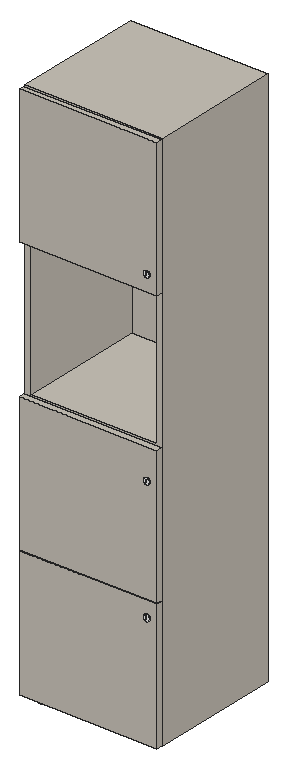
Revit family "Storage-Freestanding-Teknion-BFCL_Cubic_Tower_with_Solid_Doors-R2019", category Furniture, Revit 2019
Family settings
  OmniClass Number = 23.40.20.00
  OmniClass Title = General Furniture and Specialties
  Work Plane-Based = No
  Always vertical = Yes
  Cut with Voids When Loaded = No
  Shared = Yes
  Room Calculation Point = No
Parameters (values of type "Semi-Opened, Individual Doors Storage Style, 18"w")
  Warranty = "http://www.teknion.com/ca/papers/legal-canada"
  Wardrobe = no
  Unit Weight URL = "http://www.teknion.com/ca/tools/assets#&asset=bee6a381-b954-425e-8283-5a2de3a804f2,f828d448-4b62-4231-9e5f-9a8991c0ed77"
  URL = "www.teknion.com"
  Third Lock = or(Individual Doors, File Drawers)  # yes
  Sustainability Data = "http://www.teknion.com/ca/tools/assets#&topic=216f99a5-57a0-44fc-b10a-9dee9b29ae4c&asset=444deb64-fe58-4b68-981e-f75e97781df7"
  Shelf Vertical Offset [instance] = if(Height = 66.000", 15.773", 17.853")  # 17.853"
  Shelf Hole Depth [instance] = if([Semi-Opened], Depth - 0.701", 0.500")  # 17.299"
  Series = "Expansion Casegoods"  # constant formula
  Semi-Opened = yes
  Second Shelf Visibility = if([Semi-Opened], 1 > 2, 1 < 2)  # no
  Second Lock = if(and(Fully Enclosed, Individual Doors), 1 < 2, if(and(Fully Enclosed, File Drawers), 1 < 2, if((Wardrobe), 1 < 2, 1 > 2)))  # no
  Product Page URL = "http://www.teknion.com/ca/products/product-details?productlineid=0053336e-8e7a-673b-a6c8-ff00004460c4"
  Product Line = "Expansion Casegoods"  # constant formula
  Product Documentation Link = "http://www.teknion.com/pricing/expansion-casegoods/pdfs/BFCL_ppg.pdf"
  Part Number = "BFCL"  # constant formula
  Model = "BFCLOD__18___"
  Manufacturer Phone = "416-661-3370"  # constant formula
  Manufacturer Fax = "416.661.4586"  # constant formula
  Manufacturer Contact Information = "http://www.teknion.com/ca/contactus"
  Manufacturer Address = "1150 Flint Road, Toronto, ON. M3J 2J5. Canada"  # constant formula
  Manufacturer = "Teknion"  # constant formula
  Individual Doors = yes
  Height [instance] = 72.000"
  Fully Enclosed = no
  Fourth Lock = or(Individual Doors, Wardrobe)  # yes
  First Lock = or(File Drawers, Individual Doors)  # yes
  File Drawers = no
  Door and Drawer Front Finish [instance] = Source Laminate - Teknion - DE - Latte
  Description = "Freestanding Cubic Tower with Solid Doors, Semi-Opened, Individual Doors, 18\" Width"
  Depth [instance] = 18.000"
  Case Finish [instance] = Source Laminate - Teknion - DE - Latte
  Available Heights [instance] = "66 or 72 inches."  # constant formula
  Available Depths [instance] = "18, 20, or 24 inches."  # constant formula
  Assembly Code = "E2020200"
  Actual Height [instance] = if(Height = 66.000", 65.354", 71.594")  # 71.594"
  2D Elevation Top and Bottom Second Door = not(Wardrobe)  # yes
  2D Elevation Bottom Door = not(File Drawers)  # yes
Types (6): name | Wardrobe | Third Lock | Shelf Vertical Offset | Shelf Hole Depth | Semi-Opened | Second Shelf Visibility | Second Lock | Model | Individual Doors | Height | Fully Enclosed | Fourth Lock | First Lock | File Drawers | Description | Actual Height | 2D Elevation Top and Bottom Second Door | 2D Elevation Bottom Door
  (no name) | no | yes | 17.853" | 17.299" | yes | no | no | "BFCLOD__18___" | yes | 72.000" | no | yes | yes | no | "Freestanding Cubic Tower with Solid Doors, Semi-Opened, Individual Doors, 18\" Width" | 71.594" | yes | yes
  Fully Enclosed, Wardrobe Storage Style, 18"w | yes | no | 17.853" | 0.500" | no | yes | yes | "BFCLFW__18___" | no | 72.000" | yes | yes | no | no | "Freestanding Cubic Tower with Solid Doors, Fully Enclosed, Wardrobe Storage Style, 18\" Width" | 71.594" | no | yes
  Semi-Opened, Individual Doors Storage Style, 18"w | no | yes | 17.853" | 17.299" | yes | no | no | "BFCLOD__18___" | yes | 72.000" | no | yes | yes | no | "Freestanding Cubic Tower with Solid Doors, Semi-Opened, Individual Doors, 18\" Width" | 71.594" | yes | yes
  Fully Enclosed, Individual Doors Storage Style, 18"w | no | yes | 15.773" | 0.500" | no | yes | yes | "BFCLFD__18___" | yes | 66.000" | yes | yes | yes | no | "Freestanding Cubic Tower with Solid Doors, Fully Enclosed, Individual Doors Storage Style, 18\" Width" | 65.354" | yes | yes
  Semi-Opened, File Drawers Storage Style, 18"w | no | yes | 15.773" | 17.299" | yes | no | no | "BFCLOF__18___" | no | 66.000" | no | no | yes | yes | "Freestanding Cubic Tower with Solid Doors, Semi-Opened, File Drawers Storage Style, 18\" Width" | 65.354" | yes | no
  Fully Enclosed, File Drawers Storage Style, 18"w | no | yes | 15.773" | 0.500" | no | yes | yes | "BFCLFF__18___" | no | 66.000" | yes | no | yes | yes | "Freestanding Cubic Tower with Solid Doors, Fully Enclosed, File Drawers Storage Style, 18\" Width" | 65.354" | yes | no
Reference planes (in)
  plane 1 "Center Front/Back": y = 0
  plane 2: z = 0
  plane 3 "Center Left/Right": x = 0
  plane 4 "Left": x = -8.955
  plane 5 "Right": x = 8.955
  plane 6 "Back": y = 8.58071
  plane 7 "Front": y = -8.58071
  plane 8 "Top": z = 71.594
  plane 9: z = 0.60236
  plane 10: y = -8.7185
  plane 11: y = -9.41929
  plane 12: z = 53.62289
  plane 13: z = 53.50518
  plane 14: z = 35.65218
  plane 15: z = 35.5341
  plane 16: z = 17.6811
  plane 17: z = 17.56299
  plane 18: z = 0.72047
  plane 19: z = 71.47589
  plane 20: x = -8.254
  plane 21: x = 8.254
  plane 22: y = 7.87971
Forms (in)
  Extrusion 1, solid, material "Source Laminate - Teknion - DE - Latte" <- "Case Finish"
    sketch origin (0, 0, 0) x (1, 0, 0) y (0, 1, 0)
      loop
        line (-8.955, 8.58071) -> (-8.955, -8.58071) -> (8.955, -8.58071) -> (8.955, 8.58071) -> (-8.955, 8.58071)
    from 0.60236 to 71.594
  Extrusion 2, solid, material "Source Laminate - Teknion - DE - Latte" <- "Door and Drawer Front Finish"
    sketch origin (-8.955, -8.7185, 48) x (-1, 0, 0) y (0, 0, 1)
      loop
        line (0, 23.47589) -> (-17.91, 23.47589) -> (-17.91, 5.62289) -> (0, 5.62289) -> (0, 23.47589)
    from 0 to -0.70079
  Extrusion 3, solid, material "Source Laminate - Teknion - DE - Latte" <- "Door and Drawer Front Finish", visible <- "Second Shelf Visibility"
    sketch origin (-8.955, -8.7185, 48) x (-1, 0, 0) y (0, 0, 1)
      loop
        line (-17.91, 5.50518) -> (-17.91, -12.34782) -> (0, -12.34782) -> (0, 5.50518) -> (-17.91, 5.50518)
    from 0 to -0.70079
  Extrusion 4, solid, material "Source Laminate - Teknion - DE - Latte" <- "Door and Drawer Front Finish"
    sketch origin (-8.955, -8.7185, 48) x (-1, 0, 0) y (0, 0, 1)
      loop
        line (0, -12.4659) -> (-17.91, -12.4659) -> (-17.91, -30.3189) -> (0, -30.3189) -> (0, -12.4659)
    from 0 to -0.70079
  Extrusion 5, solid, material "Source Laminate - Teknion - DE - Latte" <- "Door and Drawer Front Finish"
    sketch origin (-8.955, -8.7185, 48) x (-1, 0, 0) y (0, 0, 1)
      loop
        line (-17.91, -30.43701) -> (-17.91, -47.27953) -> (0, -47.27953) -> (0, -30.43701) -> (-17.91, -30.43701)
    from 0 to -0.70079
  Extrusion 6, void
    sketch origin (-8.955, -9.41929, 48) x (1, 0, 0) y (0, 0, 1)
      loop
        line (17.209, 5.50518) -> (0.701, 5.50518) -> (0.701, -12.34782) -> (17.209, -12.34782) -> (17.209, 5.50518)
    from -17.299 to 0
  Extrusion 7, solid, material "Mica - Teknion - V - Satin - Very White", visible <- "First Lock"
    sketch origin (-8.955, -9.41929, 48) x (-1, 0, 0) y (0, 0, 1)
      loop
        line (-16.62063, 7.85797) -> (-16.62063, 7.48395) -> (-16.5222, 7.48395) -> (-16.5222, 7.85797) -> (-16.62063, 7.85797)
      loop
        circle (-16.57142, 7.67096) r 0.40008
    from 0 to -0.05906
  Extrusion 8, solid, material "Mica - Teknion - V - Satin - Very White", visible <- "Second Lock"
    sketch origin (-8.955, -9.41929, 32.10272) x (-1, 0, 0) y (0, 0, 1)
      loop
        line (-16.62063, 5.78454) -> (-16.62063, 5.41053) -> (-16.5222, 5.41053) -> (-16.5222, 5.78454) -> (-16.62063, 5.78454)
      loop
        circle (-16.57142, 5.59753) r 0.40008
    from 0 to -0.05906
  Extrusion 9, solid, material "Mica - Teknion - V - Satin - Very White", visible <- "Third Lock"
    sketch origin (-8.955, -9.41929, 25.88583) x (-1, 0, 0) y (0, 0, 1)
      loop
        line (-16.62063, 5.7841) -> (-16.62063, 5.41009) -> (-16.5222, 5.41009) -> (-16.5222, 5.7841) -> (-16.62063, 5.7841)
      loop
        circle (-16.57142, 5.59709) r 0.40008
    from 0 to -0.05906
  Extrusion 10, solid, material "Mica - Teknion - V - Satin - Very White", visible <- "Fourth Lock"
    sketch origin (-8.955, -9.41929, 11.99213) x (-1, 0, 0) y (0, 0, 1)
      loop
        line (-16.62063, 3.71063) -> (-16.62063, 3.33661) -> (-16.5222, 3.33661) -> (-16.5222, 3.71063) -> (-16.62063, 3.71063)
      loop
        circle (-16.57142, 3.52362) r 0.40008
    from 0 to -0.05906
  Extrusion 11, solid, material "Plastic - Teknion - E - Ebony"
    sketch origin (0, 0, 0) x (1, 0, 0) y (0, 1, 0)
      loop
        circle (-6.99445, 7.27952) r 0.5
    from 0 to 0.60236
  Extrusion 12, solid, material "Plastic - Teknion - E - Ebony"
    sketch origin (0, 0, 0) x (-1, 0, 0) y (0, -1, 0)
      loop
        circle (-6.99445, -7.27952) r 0.5
    from 0 to 0.60236
  Extrusion 13, solid, material "Plastic - Teknion - E - Ebony"
    sketch origin (0, -0.75, 0) x (1, 0, 0) y (0, 1, 0)
      loop
        circle (-6.99445, -7.27952) r 0.5
    from 0 to 0.60236
  Extrusion 14, solid, material "Plastic - Teknion - E - Ebony"
    sketch origin (0, -0.75, 0) x (-1, 0, 0) y (0, -1, 0)
      loop
        circle (-6.99445, 7.27952) r 0.5
    from 0 to 0.60236
Cuts and joins
  Extrusion 6 cuts Extrusion 1
Lines and regions (in)
  Masking region 1
    outline origin (0, 0, 0) x (1, 0, 0) y (0, 1, 0)
      loop
        line (6.65185, -9.47835) -> (8.01649, -9.47835) -> (8.01649, -9.41929) -> (6.65185, -9.41929) -> (6.65185, -9.47835)
  Masking region 2
    outline origin (0, 0, 0) x (1, 0, 0) y (0, 1, 0)
      loop
        line (-8.955, 8.58071) -> (-8.955, -9.41929) -> (8.955, -9.41929) -> (8.955, 8.58071) -> (-8.955, 8.58071)
  symbolic lines, style "FurnitureHiddenLines", detail levels fine
    curve 1: arc (-7.49445, 7.27952, 0) -> (-6.99445, 6.77952, 0) -> (-6.49445, 7.27952, 0) r 0.5
    curve 2: arc (-6.49445, 7.27952, 0) -> (-6.99445, 7.77952, 0) -> (-7.49445, 7.27952, 0) r 0.5
    curve 3: arc (6.49445, 7.27952, 0) -> (6.99445, 6.77952, 0) -> (7.49445, 7.27952, 0) r 0.5
    curve 4: arc (7.49445, 7.27952, 0) -> (6.99445, 7.77952, 0) -> (6.49445, 7.27952, 0) r 0.5
    curve 5: arc (-6.49445, -8.02952, 0) -> (-6.99445, -7.52952, 0) -> (-7.49445, -8.02952, 0) r 0.5
    curve 6: arc (-7.49445, -8.02952, 0) -> (-6.99445, -8.52952, 0) -> (-6.49445, -8.02952, 0) r 0.5
    curve 7: arc (7.49445, -8.02952, 0) -> (6.99445, -7.52952, 0) -> (6.49445, -8.02952, 0) r 0.5
    curve 8: arc (6.49445, -8.02952, 0) -> (6.99445, -8.52952, 0) -> (7.49445, -8.02952, 0) r 0.5
  symbolic lines
    curve 9: line (-8.955, -8.58071, 0) -> (8.955, -8.58071, 0)
    curve 10: line (8.955, -8.7185, 0) -> (-8.955, -8.7185, 0)
  symbolic lines, style "FurnitureHiddenLines", visible <- "Semi-Opened", detail levels medium+fine
    curve 11: line (-8.254, 7.87971, 0) -> (-8.254, -8.58071, 0)
    curve 12: line (8.254, 7.87971, 0) -> (-8.254, 7.87971, 0)
    curve 13: line (8.254, -8.58071, 0) -> (8.254, 7.87971, 0)
  symbolic lines, style "FurnitureHiddenLines", visible <- "2D Elevation Top and Bottom Second Door"
    curve 14: line (8.955, -9.41929, 71.47589) -> (-8.955, -9.41929, 62.54939)
    curve 15: line (-8.955, -9.41929, 62.54939) -> (8.955, -9.41929, 53.62289)
    curve 18: line (8.955, -9.41929, 17.6811) -> (-8.955, -9.41929, 26.6041)
    curve 19: line (8.955, -9.41929, 35.5341) -> (-8.955, -9.41929, 26.6041)
  symbolic lines, style "FurnitureHiddenLines", visible <- "Fully Enclosed"
    curve 16: line (8.955, -9.41929, 35.5341) -> (-8.955, -9.41929, 44.5785)
    curve 17: line (8.955, -9.41929, 53.62289) -> (-8.955, -9.41929, 44.5785)
  symbolic lines, style "FurnitureHiddenLines", visible <- "2D Elevation Bottom Door"
    curve 20: line (8.955, -9.41929, 0.72047) -> (-8.955, -9.41929, 9.24606)
    curve 21: line (8.955, -9.41929, 17.6811) -> (-8.955, -9.41929, 9.24606)
  reference lines
    curve 22: line (-8.955, 8.58071, 0) -> (8.955, 8.58071, 0)
    curve 23: line (-8.955, -9.41929, 0) -> (8.955, -9.41929, 0)
Dimensions and locks (in)
  locked: plane 4 "Left" to plane 5 "Right" at 17.91
  "Depth": plane 6 "Back" to plane 11
  "Actual Height": plane 8 "Top" to level
  equal spacing: plane 4 "Left", plane 3 "Center Left/Right", plane 5 "Right"
  equal spacing: plane 7 "Front", plane 1 "Center Front/Back", plane 6 "Back"
  locked: plane 9 to plane 2 at 0.60236
  locked: plane 10 to plane 11 at 0.70079
  locked: plane 7 "Front" to plane 10 at 0.1378
  locked: plane 18 to plane 9 at 0.11811
  locked: plane 17 to level at 17.56299
  "Shelf Vertical Offset": plane 15 to plane 16
  "Shelf Vertical Offset": plane 13 to plane 14
  locked: plane 8 "Top" to plane 19 at 0.11811
  "Shelf Vertical Offset": plane 19 to plane 12
  locked: plane 14 to plane 15 at 0.11808
  locked: plane 16 to plane 17 at 0.11811
  locked: plane 20 to plane 4 "Left" at 0.701
  locked: plane 21 to plane 5 "Right" at 0.701
  locked: plane 22 to plane 6 "Back" at 0.701
  "Shelf Hole Depth": Extrusion 6 to plane 11
  locked: Extrusion 7 sketch curve to plane 12 at 2.04807
  locked: Extrusion 7 sketch curve to plane 5 "Right" at 1.33858
  Extrusion 7 sketch curve to Extrusion 7 sketch curve to plane 12 = 0.37402" locked, 1.86106" locked
  Extrusion 7 sketch curve to Extrusion 7 sketch curve to plane 5 "Right" = 0.09843" locked, 1.28937" locked
  locked: Extrusion 7 to plane 11 at 0.05906
  Extrusion 8 sketch curve to Extrusion 8 sketch curve to plane 14 = 0.37402" locked, 1.86106" locked
  Extrusion 8 sketch curve to Extrusion 8 sketch curve to plane 5 "Right" = 0.09843" locked, 1.28937" locked
  plane 15 to Extrusion 9 sketch curve to Extrusion 9 sketch curve = 3.86417" locked, 0.37402" locked
  Extrusion 9 sketch curve to Extrusion 9 sketch curve to plane 5 "Right" = 0.09843" locked, 1.28937" locked
  plane 17 to Extrusion 10 sketch curve to Extrusion 10 sketch curve = 1.86024" locked, 0.37402" locked
  Extrusion 10 sketch curve to Extrusion 10 sketch curve to plane 5 "Right" = 0.09843" locked, 1.28937" locked
  locked: Extrusion 8 sketch curve to plane 5 "Right" at 1.33858
  locked: Extrusion 9 sketch curve to plane 5 "Right" at 1.33858
  locked: Extrusion 10 sketch curve to plane 5 "Right" at 1.33858
  locked: plane 6 "Back" to Extrusion 11 sketch curve at 1.30119
  locked: plane 4 "Left" to Extrusion 11 sketch curve at 1.96055
  locked: plane 6 "Back" to Extrusion 12 sketch curve at 1.30119
  locked: Extrusion 12 sketch curve to plane 5 "Right" at 1.96055
  locked: Extrusion 13 sketch curve to plane 11 at 1.38977
  locked: plane 4 "Left" to Extrusion 13 sketch curve at 1.96055
  locked: Extrusion 14 sketch curve to plane 5 "Right" at 1.96055
  locked: Extrusion 14 sketch curve to plane 11 at 1.38977
  Masking region 1 sketch curve to Masking region 1 sketch curve to plane 5 "Right" = 1.36464" locked, 0.93851" locked
  equal spacing: plane 19, curve 15, plane 12
  equal spacing: curve 16, curve 17, curve 17
  plane 12 to plane 13 = 0.11771"
  aligned and locked: level to plane 2
  aligned and locked: Extrusion 1 sketch curve to plane 4 "Left"
  aligned and locked: Extrusion 1 sketch curve to plane 6 "Back"
  aligned and locked: Extrusion 1 sketch curve to plane 5 "Right"
  aligned and locked: Extrusion 1 sketch curve to plane 7 "Front"
  aligned and locked: plane 8 "Top" to Extrusion 1
  aligned and locked: Extrusion 1 to plane 9
  aligned and locked: Extrusion 2 sketch curve to plane 19
  aligned and locked: plane 4 "Left" to Extrusion 2 sketch curve
  aligned and locked: Extrusion 2 sketch curve to plane 5 "Right"
  aligned and locked: Extrusion 2 sketch curve to plane 12
  aligned and locked: Extrusion 3 sketch curve to plane 13
  aligned and locked: plane 4 "Left" to Extrusion 3 sketch curve
  aligned and locked: Extrusion 3 sketch curve to plane 5 "Right"
  aligned and locked: Extrusion 3 sketch curve to plane 14
  aligned and locked: plane 4 "Left" to Extrusion 4 sketch curve
  aligned and locked: Extrusion 4 sketch curve to plane 15
  aligned and locked: Extrusion 4 sketch curve to plane 5 "Right"
  aligned and locked: Extrusion 4 sketch curve to plane 16
  aligned and locked: Extrusion 5 sketch curve to plane 17
  aligned and locked: plane 4 "Left" to Extrusion 5 sketch curve
  aligned and locked: Extrusion 5 sketch curve to plane 5 "Right"
  aligned and locked: Extrusion 5 sketch curve to plane 18
  aligned and locked: Extrusion 2 to plane 11
  aligned and locked: Extrusion 3 to plane 11
  aligned and locked: Extrusion 4 to plane 11
  aligned and locked: Extrusion 5 to plane 11
  aligned and locked: Extrusion 2 to plane 10  (x2)
  aligned and locked: Extrusion 3 to plane 10
  aligned and locked: Extrusion 4 to plane 10
  aligned and locked: Extrusion 5 to plane 10
  aligned and locked: Extrusion 6 sketch curve to plane 13
  aligned and locked: Extrusion 6 sketch curve to plane 14
  aligned and locked: Extrusion 6 sketch curve to plane 20
  aligned and locked: Extrusion 6 sketch curve to plane 21
  aligned and locked: Extrusion 6 to plane 11
  aligned and locked: Extrusion 7 to plane 11
  aligned and locked: curve 1 to Extrusion 11
  aligned and locked: curve 2 to Extrusion 11
  aligned and locked: curve 3 to Extrusion 12
  aligned and locked: curve 4 to Extrusion 12
  aligned and locked: curve 5 to Extrusion 13
  aligned and locked: curve 6 to Extrusion 13
  aligned and locked: curve 7 to Extrusion 14
  aligned and locked: curve 8 to Extrusion 14
  aligned and locked: Masking region 1 sketch curve to plane 11
  aligned and locked: Extrusion 14 to plane 9
  aligned and locked: Extrusion 12 to plane 9
  aligned and locked: Extrusion 13 to plane 9
  aligned and locked: Extrusion 11 to plane 9
  aligned and locked: Extrusion 13 to plane 2
  aligned and locked: Extrusion 11 to plane 2
  aligned and locked: Extrusion 14 to plane 2
  aligned and locked: Extrusion 12 to plane 2
  aligned and locked: Masking region 2 sketch curve to plane 6 "Back"
  aligned and locked: Masking region 2 sketch curve to plane 4 "Left"
  aligned and locked: Masking region 2 sketch curve to plane 5 "Right"
  aligned and locked: Masking region 2 sketch curve to plane 11
  aligned and locked: nested 1 to plane 11
  aligned and locked: nested 1 to plane 4 "Left"
  aligned and locked: nested 1 to plane 5 "Right"
  aligned and locked: curve 12 to Extrusion 6
  aligned and locked: plane 20 to curve 11
  aligned and locked: plane 21 to curve 13
  aligned and locked: plane 5 "Right" to curve 14
  aligned and locked: curve 14 to plane 19
  aligned and locked: plane 4 "Left" to curve 15
  aligned and locked: plane 5 "Right" to curve 16
  aligned and locked: plane 4 "Left" to curve 16
  aligned and locked: plane 5 "Right" to curve 17
  aligned and locked: plane 16 to curve 18
  aligned and locked: plane 15 to curve 19
  aligned and locked: plane 4 "Left" to curve 19
  aligned and locked: plane 5 "Right" to curve 20
  aligned and locked: plane 18 to curve 20
  aligned and locked: plane 4 "Left" to curve 21
  aligned and locked: plane 5 "Right" to curve 21
  aligned and locked: curve 22 to plane 6 "Back"
  aligned and locked: curve 23 to plane 11
Automatic sketch dimensions
  Extrusion 8 sketch curve to Extrusion 8 sketch curve = 0.18701"
  Extrusion 10 sketch curve to Extrusion 10 sketch curve = 0.18701"
  Extrusion 9 sketch curve to Extrusion 9 sketch curve = 0.18701"
  curve 9 to plane 4 "Left" = 0.000"
  curve 10 to plane 4 "Left" = 0.000"
  curve 9 to plane 5 "Right" = 0.000"
  curve 10 to plane 5 "Right" = 0.000"
  curve 10 to plane 10 = 0.000"
  plane 7 "Front" to curve 13 = 0.000"
  Masking region 1 sketch curve to Masking region 1 sketch curve = 0.05906"
  curve 15 to plane 12 = 0.000"
  plane 17 to curve 20 = 8.31693"
  plane 15 to curve 19 = 8.930"
  curve 22 to plane 4 "Left" = 0.000"
  curve 22 to plane 5 "Right" = 0.000"
  curve 23 to plane 4 "Left" = 0.000"
  curve 23 to plane 5 "Right" = 0.000"
  radius of Extrusion 7 sketch curve = 0.40008"
  radius of Extrusion 8 sketch curve = 0.40008"
  radius of Extrusion 10 sketch curve = 0.40008"
  radius of Extrusion 11 sketch curve = 0.500"
  radius of Extrusion 12 sketch curve = 0.500"
  radius of Extrusion 13 sketch curve = 0.500"
  radius of Extrusion 14 sketch curve = 0.500"
  radius of Extrusion 9 sketch curve = 0.40008"
Nested families (in)
  nested 1: "Door-Swing_Symbol-Teknion-2D" at (0, -9.41929, 66.075) x (-1, 0, 0) z (0, 0, 1), type "Door-Swing_Symbol-Teknion-2D", detail levels fine
    with Swing Width 17.910"
Definition of nested family "Door-Swing_Symbol-Teknion-2D"
  Parameters (values of type "Door-Swing_Symbol-Teknion-2D")
    Swing Width [instance] = 13.4325"
  Reference planes (in)
    plane 1 "Center (Front/Back)": y = 0
    plane 2: z = 0
    plane 3 "Center (Left/Right)": x = 0
    plane 4: x = -6.71625
    plane 5: x = 6.71625
  Lines and regions (in)
    detail lines, in view "Ref. Level"
      curve 1: line (6.71625, 0, 0) -> (6.71625, -13.4325, 0)
      curve 2: arc (-6.71625, 0, 0) -> (-2.78196, -9.49821, 0) -> (6.71625, -13.4325, 0) r 13.4325
  Dimensions and locks (in)
    equal spacing: plane 4, plane 3 "Center (Left/Right)", plane 5
    "Swing Width": plane 4 to plane 5
    "Swing Width": curve 1 to plane 1 "Center (Front/Back)"
    "Swing Width": radius of curve 2
    aligned and locked: plane 1 "Center (Front/Back)" to curve 1
  Automatic sketch dimensions
    curve 2 to plane 4 = 0.000"
